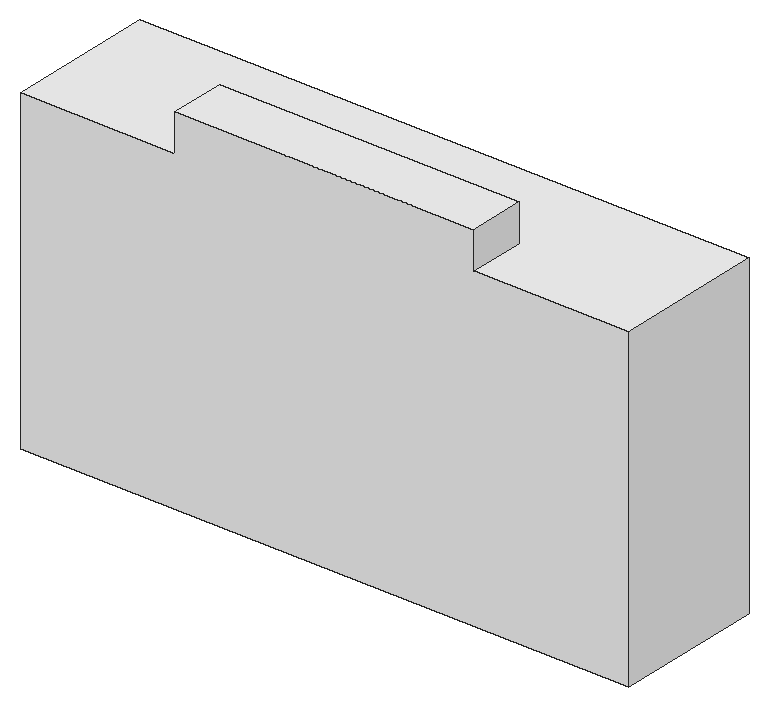
Revit family "T93024 Alu-K M LED 30m 2-s_Vegg", category Lighting Fixtures, Revit 2016
Family settings
  Part Type = Normal
  Round Connector Dimension = Use Diameter
  OmniClass Number = 23.80.70.11.21
  OmniClass Title = Emergency Lighting
  Work Plane-Based = No
  Always vertical = Yes
  Cut with Voids When Loaded = No
  Light Source = Yes
  Shared = No
  Room Calculation Point = No
Parameters (values of type "MarkeringsLys (Venstre)")
  Width = 80 mm
  Wattage Comments = "17 W"
  Wattage = 9.2903 W
  built-in parameter 1150110 = 1 (stored number, unit not read)
  Voltage = 230 V
  URL = ""
  Type Comments = "-UN"
  built-in parameter 1114217 = 1 (stored number, unit not read)
  Tilt Angle = 90.00°
  built-in parameter 1150109 = 1 (stored number, unit not read)
  built-in parameter 1150134 = 3
  Symbol Positive Direction [instance] = yes
  Symbol Offset Side [instance] = 0 mm
  Symbol Offset Out [instance] = 0 mm
  built-in parameter 1150113 = 1 (stored number, unit not read)
  Reference Line Out [instance] = 50 mm
  Photometric Web File = "20x42A12.ies"
  Number of Poles = 1
  NS8360 = "4431_WT2"
  Markeringslys normal = no
  Markeringslys ikke normal = yes
  MarkeringsLys Venstre = yes
  MarkeringsLys Ned = no
  MarkeringsLys Opp = no
  MarkeringsLys Høyre = no
  MarkeringsLys 45 Opp mot venstre = no
  MarkeringsLys 45 Opp mot høyre = no
  MarkeringsLys 45 Ned mot venstre = no
  MarkeringsLys 45 Ned mot høyre = no
  ML = yes
  built-in parameter 1150105 = 109.82 (stored number, unit not read)
  Lumens = 1380 lm
  built-in parameter 1150115 = 1 (stored number, unit not read)
  Load Classification [instance] = Other
  Model = ""
  Manufacturer = "Honeywell"
  built-in parameter 1150137 = (empty or 0)
  built-in parameter 1150139 = (empty or 0)
  Length 1 = 300 mm
  Length = 325 mm
  LedeLys = no
  built-in parameter 1150112 = 1 (stored number, unit not read)
  built-in parameter 1150114 = 1 (stored number, unit not read)
  Lamp = "1"
  Keynote = "WT2"
  built-in parameter 1150132 = (empty or 0)
  built-in parameter 1150102 = (empty or 0)
  built-in parameter 1150107 = 3200 (stored number, unit not read)
  built-in parameter 1150138 = (empty or 0)
  built-in parameter 1150106 = 1.0982 (stored number, unit not read)
  Height 1 = 140 mm
  Height = 170 mm
  Emit from Rectangle Width = Height  # 170 mm
  Emit from Rectangle Length = Length  # 325 mm
  Emit Shape Visible in Rendering = no
  built-in parameter 1150104 = 13.8 (stored number, unit not read)
  Dimming Lamp Color Temperature Shift = <None>
  Description = ""
  Color Filter = 16777215
  Body Material and Colour = White
  built-in parameter 1114218 = 1 (stored number, unit not read)
  built-in parameter 1150133 = 10 (stored number, unit not read)
  Assembly Code = "4431"
  Apparent Load = 17 VA
Types (9, lengths in mm): name | NS8360 | Markeringslys normal | Markeringslys ikke normal | MarkeringsLys Venstre | MarkeringsLys Ned | MarkeringsLys Opp | MarkeringsLys Høyre | MarkeringsLys 45 Opp mot venstre | MarkeringsLys 45 Opp mot høyre | MarkeringsLys 45 Ned mot venstre | MarkeringsLys 45 Ned mot høyre | ML | LedeLys | Assembly Code
  LedeLys | "4432_WT2" | no | no | no | no | no | no | no | no | no | no | no | yes | "4432"
  MarkeringsLys (Ned) | "4431_WT2" | yes | no | no | yes | no | no | no | no | no | no | yes | no | "4431"
  MarkeringsLys (Opp) | "4431_WT2" | yes | no | no | no | yes | no | no | no | no | no | yes | no | "4431"
  MarkeringsLys (Venstre) | "4431_WT2" | no | yes | yes | no | no | no | no | no | no | no | yes | no | "4431"
  MarkeringsLys (Høyre) | "4431_WT2" | yes | no | no | no | no | yes | no | no | no | no | yes | no | "4431"
  MarkeringsLys (45 Ned mot høyre) | "4431_WT2" | yes | no | no | no | no | no | no | no | no | yes | yes | no | "4431"
  MarkeringsLys (45 Ned mot venstre) | "4431_WT2" | no | yes | no | no | no | no | no | no | yes | no | yes | no | "4431"
  MarkeringsLys (45 Opp mot høyre) | "4431_WT2" | yes | no | no | no | no | no | no | yes | no | no | yes | no | "4431"
  MarkeringsLys (45 Opp mot venstre) | "4431_WT2" | no | yes | no | no | no | no | yes | no | no | no | yes | no | "4431"
Reference planes
  plane 1 "Light Source Axis (F/B)": y = 119.961
  plane 2 "1": z = -480
  plane 3 "Light Source Axis (L/R)": x = 0
  plane 4 "Level": z = 0
  plane 5: x = -162.5
  plane 6: x = 162.5
  plane 7: y = 197.961
  plane 8: y = 199.961
  plane 9: z = -20
  plane 10: x = -150
  plane 11: x = 150
  plane 12: z = -190
  plane 13: z = -105
  plane 14: z = -35
  plane 15: z = -175
  plane 16: x = -80
  plane 17: x = 80
  plane 18: y = 149.961
Forms (mm)
  Extrusion 1, solid, material "White" <- "Body Material and Colour"
    sketch origin (0, 119.961, 0) x (1, 0, 0) y (0, 0, 1)
      loop
        line (-162.5, -20) -> (-162.5, -190) -> (162.5, -190) -> (162.5, -20) -> (-162.5, -20)
    from 0 to -78
  Extrusion 2, solid, material "White" <- "Body Material and Colour"
    sketch origin (0, 119.961, 0) x (1, 0, 0) y (0, 0, 1)
      loop
        line (-162.5, -20) -> (-162.5, -190) -> (162.5, -190) -> (162.5, -20) -> (-162.5, -20)
      loop
        line (-150, -35) -> (-150, -175) -> (150, -175) -> (150, -35) -> (-150, -35)
    from -80 to -78
  Extrusion 3, solid, material "White" <- "Body Material and Colour"
    sketch origin (0, 119.961, 0) x (1, 0, 0) y (0, 0, 1)
      loop
        line (-80, 0) -> (-80, -20) -> (80, -20) -> (80, 0) -> (-80, 0)
    from 0 to -30
Cuts and joins
  joined: Extrusion 1, Extrusion 2, Extrusion 3
Lines and regions (mm)
  model lines, style "InvisibleLines"
    curve 1: line (0, 119.961, 0) -> (0, 169.961, 0)
  symbolic lines, style "InvisibleLines"
    curve 2: line (0, 119.961, 0) -> (0, 119.961, 50)
Dimensions and locks
  equal spacing: plane 5, plane 3 "Light Source Axis (L/R)", plane 6
  "Length": plane 5 to plane 6
  plane 7 to plane 1 "Light Source Axis (F/B)" = 78 mm
  locked: plane 8 to plane 7 at 2
  equal spacing: plane 10, plane 3 "Light Source Axis (L/R)", plane 11
  "Length 1": plane 10 to plane 11
  "Width": plane 1 "Light Source Axis (F/B)" to plane 8
  "Reference Line Out": plane 1 "Light Source Axis (F/B)" to curve 1
  plane 10 to plane 5 = 12.5 mm
  locked: level to plane 9 at 20
  "Height": plane 9 to plane 12
  equal spacing: plane 9, plane 13, plane 12
  equal spacing: plane 14, plane 13, plane 15
  "Height 1": plane 14 to plane 15
  equal spacing: plane 17, plane 3 "Light Source Axis (L/R)", plane 16
  locked: plane 17 to plane 16 at 160
  locked: plane 1 "Light Source Axis (F/B)" to plane 18 at 30
  aligned and locked: plane 4 "Level" to level
  aligned and locked: plane 3 "Light Source Axis (L/R)" to nested 2
  aligned and locked: plane 1 "Light Source Axis (F/B)" to nested 2
  aligned and locked: plane 7 to nested 1
  aligned and locked: plane 5 to Extrusion 1 sketch curve
  aligned and locked: Extrusion 1 sketch curve to plane 6
  aligned and locked: Extrusion 2 sketch curve to plane 6
  aligned and locked: plane 5 to Extrusion 2 sketch curve
  aligned and locked: plane 10 to Extrusion 2 sketch curve
  aligned and locked: Extrusion 2 sketch curve to plane 11
  aligned and locked: imposter light to plane 1 "Light Source Axis (F/B)"
  aligned and locked: imposter light to plane 3 "Light Source Axis (L/R)"
  aligned and locked: plane 1 "Light Source Axis (F/B)" to curve 1
  aligned and locked: nested 3 to plane 3 "Light Source Axis (L/R)"
  aligned and locked: nested 3 to plane 7
  aligned and locked: nested 4 to plane 3 "Light Source Axis (L/R)"
  aligned and locked: nested 4 to plane 7
  aligned and locked: nested 5 to plane 3 "Light Source Axis (L/R)"
  aligned and locked: nested 5 to plane 7
  aligned and locked: nested 6 to plane 3 "Light Source Axis (L/R)"
  aligned and locked: nested 6 to plane 7
  aligned and locked: nested 7 to plane 7
  aligned and locked: nested 7 to plane 3 "Light Source Axis (L/R)"
  aligned and locked: nested 8 to plane 7
  aligned and locked: nested 8 to plane 3 "Light Source Axis (L/R)"
  aligned and locked: nested 9 to plane 7
  aligned and locked: nested 9 to plane 3 "Light Source Axis (L/R)"
  aligned and locked: plane 9 to Extrusion 2
  aligned and locked: Extrusion 2 to plane 14
  aligned and locked: plane 15 to Extrusion 2
  aligned and locked: plane 9 to Extrusion 1
  aligned and locked: Extrusion 2 to plane 12
  aligned and locked: Extrusion 2 sketch curve to plane 14
  aligned and locked: Extrusion 2 sketch curve to plane 9
  aligned and locked: plane 15 to Extrusion 2 sketch curve
  aligned and locked: plane 12 to Extrusion 2 sketch curve
  aligned and locked: plane 12 to Extrusion 1 sketch curve
  aligned and locked: Extrusion 1 sketch curve to plane 9
  aligned and locked: plane 13 to nested 9
  aligned and locked: Extrusion 2 to plane 8
  aligned and locked: plane 7 to Extrusion 2
  aligned and locked: Extrusion 1 to plane 7
  aligned and locked: plane 4 "Level" to Extrusion 3 sketch curve
  aligned and locked: plane 16 to Extrusion 3 sketch curve
  aligned and locked: Extrusion 3 sketch curve to plane 17
  aligned and locked: plane 9 to Extrusion 3 sketch curve
  aligned and locked: plane 18 to Extrusion 3
  aligned and locked: plane 3 "Light Source Axis (L/R)" to curve 2
  aligned and locked: level to curve 2
  aligned and locked: plane 3 "Light Source Axis (L/R)" to nested 10
  aligned and locked: plane 1 "Light Source Axis (F/B)" to nested 10
Automatic sketch dimensions
  level to curve 2 = 50 mm
  curve 1 to plane 3 "Light Source Axis (L/R)" = 0 mm
Nested families
  nested 1: "Formula 65_ned" at (0, 197.961, -105), type "Formula 65"
  nested 2: "LedelysS" at (0, 119.961, 0), visible <- "LedeLys", type "Type 1"
  nested 3: "Formula 65_skrått 45 grader ned mot høyre" at (0, 197.961, -105) x (-1, 0, 0) z (0, 0, 1), visible <- "LedeLys", type "Formula 65"
    with 45 ned mot høyre no
  nested 4: "Formula 65_skrått 45 grader ned mot venstre" at (0, 197.961, -105) x (-1, 0, 0) z (0, 0, 1), type "Formula 65"
  nested 5: "Formula 65_skrått 45 grader opp mot høyre" at (0, 197.961, -105) x (-1, 0, 0) z (0, 0, 1), type "Formula 65"
  nested 6: "Formula 65_skrått 45 grader opp mot venstre" at (0, 197.961, -105) x (-1, 0, 0) z (0, 0, 1), type "Formula 65"
  nested 7: "Formula 65_høyre" at (0, 197.961, -105) x (-1, 0, 0) z (0, 0, 1), type "Formula 65"
  nested 8: "Formula 65_opp" at (0, 197.961, -105) x (-1, 0, 0) z (0, 0, 1), type "Formula 65"
  nested 9: "Formula 65_venstre" at (0, 197.961, -105) x (-1, 0, 0) z (0, 0, 1), type "Formula 65"
    with Venstre yes
  nested 10: "MarkeringslysEnkelS" at (0, 119.961, 0), visible <- "ML", type "Type 1"
    with Venstre yes, Opp no, Normal no, Ikke normal yes
Connectors
  electrical at (0, 119.961, 0), driven by "Number of Poles", driven by "Load Classification", driven by "Voltage", driven by "Apparent Load"
    settings: index 1, voltage 230 V, apparent load 0 VA, apparent load phase1 17 VA, apparent load phase2 0 VA, apparent load phase3 0 VA, power factor 1, load classification "Other", number of poles 1, system type 31, power factor state 1, is connector primary yes, connector utility no, sub classification motor no, connector description ""
Definition of nested family "Formula 65_venstre"
  Parameters (values of type "Formula 65")
    Venstre = no
    L = 300 mm
    H = 135 mm
  Reference planes
    plane 1 "Center (Front/Back)": y = 0
    plane 2: z = 0
    plane 3 "Center (Left/Right)": x = 0
    plane 4: y = -2
  Forms (mm)
    Extrusion 1, solid, visible <- "Venstre"
      sketch origin (453.48, 0, -265.275) x (1, 0, 0) y (0, 0, 1)
        loop
          line (-303.48, 335.275) -> (-603.48, 335.275) -> (-603.48, 195.275) -> (-303.48, 195.275) -> (-303.48, 335.275)
        loop
          circle (-420.272, 307.901) r 7.948
        loop
          line (-413.762, 293.92) -> (-417.907, 289.775) -> (-413.259, 281.726) -> (-426.456, 270.652)
          arc (-426.456, 270.652) -> (-427.234, 269.157) -> (-426.728, 267.55) r 2.202
          line (-426.728, 267.55) -> (-424.841, 265.302)
          arc (-424.841, 265.302) -> (-423.346, 264.524) -> (-421.739, 265.03) r 2.202
          line (-421.739, 265.03) -> (-409.533, 275.272) -> (-403.944, 265.592) -> (-416.764, 254.834) -> (-416.764, 219.801)
          arc (-416.764, 219.801) -> (-415.69, 217.206) -> (-413.095, 216.131) r 3.669
          line (-413.095, 216.131) -> (-409.425, 216.131)
          arc (-409.425, 216.131) -> (-406.831, 217.206) -> (-405.756, 219.801) r 3.669
          line (-405.756, 219.801) -> (-405.756, 249.701) -> (-398.355, 255.911) -> (-392.493, 245.757) -> (-354.384, 245.757)
          arc (-354.384, 245.757) -> (-351.79, 246.832) -> (-350.715, 249.426) r 3.669
          line (-350.715, 249.426) -> (-350.715, 253.096)
          arc (-350.715, 253.096) -> (-351.79, 255.69) -> (-354.384, 256.765) r 3.669
          line (-354.384, 256.765) -> (-373.426, 256.765) -> (-391.907, 288.775) -> (-372.812, 285.056) -> (-365.934, 273.144)
          arc (-365.934, 273.144) -> (-364.541, 272.104) -> (-362.828, 272.398) r 2.202
          line (-362.828, 272.398) -> (-360.285, 274.049)
          arc (-360.285, 274.049) -> (-359.331, 275.438) -> (-359.638, 277.095) r 2.202
          line (-359.638, 277.095) -> (-369.208, 291.831) -> (-407.391, 299.266) -> (-413.762, 293.92)
        loop
          line (-533.901, 289.876) -> (-558.502, 265.275) -> (-533.901, 240.673) -> (-519.14, 240.673) -> (-536.361, 257.894) -> (-463.502, 257.894) -> (-463.502, 272.655) -> (-536.361, 272.655) -> (-519.14, 289.876) -> (-533.901, 289.876)
      from 0 to 2
  Dimensions and locks
    aligned and locked: level to plane 2
Definition of nested family "Formula 65_ned"
  Parameters (values of type "Formula 65")
    Ned = no
    L = 205 mm
    H = 135 mm
  Reference planes
    plane 1 "Center (Front/Back)": y = 0
    plane 2: z = 0
    plane 3 "Center (Left/Right)": x = 0
    plane 4: y = -2
  Forms (mm)
    Extrusion 1, solid, visible <- "Ned"
      sketch origin (453.48, 0, -265.275) x (1, 0, 0) y (0, 0, 1)
        loop
          line (-303.48, 335.275) -> (-603.48, 335.275) -> (-603.48, 195.275) -> (-303.48, 195.275) -> (-303.48, 335.275)
        loop
          line (-502.432, 242.376) -> (-502.432, 257.137) -> (-519.654, 239.916) -> (-519.654, 312.775) -> (-534.415, 312.775) -> (-534.415, 239.916) -> (-551.636, 257.137) -> (-551.636, 242.376) -> (-527.034, 217.775) -> (-502.432, 242.376)
        loop
          circle (-410.272, 307.901) r 7.948
        loop
          line (-403.762, 293.92) -> (-407.907, 289.775) -> (-403.259, 281.726) -> (-416.456, 270.652)
          arc (-416.456, 270.652) -> (-417.234, 269.157) -> (-416.728, 267.55) r 2.202
          line (-416.728, 267.55) -> (-414.841, 265.302)
          arc (-414.841, 265.302) -> (-413.346, 264.524) -> (-411.739, 265.03) r 2.202
          line (-411.739, 265.03) -> (-399.533, 275.272) -> (-393.944, 265.592) -> (-406.764, 254.834) -> (-406.764, 219.801)
          arc (-406.764, 219.801) -> (-405.69, 217.206) -> (-403.095, 216.131) r 3.669
          line (-403.095, 216.131) -> (-399.425, 216.131)
          arc (-399.425, 216.131) -> (-396.831, 217.206) -> (-395.756, 219.801) r 3.669
          line (-395.756, 219.801) -> (-395.756, 249.701) -> (-388.355, 255.911) -> (-382.493, 245.757) -> (-344.384, 245.757)
          arc (-344.384, 245.757) -> (-341.79, 246.832) -> (-340.715, 249.426) r 3.669
          line (-340.715, 249.426) -> (-340.715, 253.096)
          arc (-340.715, 253.096) -> (-341.79, 255.69) -> (-344.384, 256.765) r 3.669
          line (-344.384, 256.765) -> (-363.426, 256.765) -> (-381.907, 288.775) -> (-362.812, 285.056) -> (-355.934, 273.144)
          arc (-355.934, 273.144) -> (-354.541, 272.104) -> (-352.828, 272.398) r 2.202
          line (-352.828, 272.398) -> (-350.285, 274.049)
          arc (-350.285, 274.049) -> (-349.331, 275.438) -> (-349.638, 277.095) r 2.202
          line (-349.638, 277.095) -> (-359.208, 291.831) -> (-397.391, 299.266) -> (-403.762, 293.92)
      from 0 to 2
  Dimensions and locks
    aligned and locked: level to plane 2
Definition of nested family "LedelysS"
  Parameters
    CQ Symbol Positive Direction = yes
    CQ Symbol Negative Direction = not(CQ Symbol Positive Direction)  # no
    CQ Symbol Offset Side = 0 mm
    CQ Symbol Offset Out = 0 mm
  Reference planes
    plane 1: y = 0
    plane 2: x = 0
  Dimensions and locks
    "CQ Symbol Offset Out": plane 1 to nested 1
    "CQ Symbol Offset Out": plane 1 to nested 2
    "CQ Symbol Offset Side": plane 2 to nested 2
    "CQ Symbol Offset Side": nested 1 to plane 2
  Nested families
    nested 1: "LedelysSub" at (0, 0, 0), visible <- "CQ Symbol Negative Direction", type "Type 1"
    nested 2: "LedelysSub" at (0, 0, 0), visible <- "CQ Symbol Positive Direction", type "Type 1"
  Definition of nested family "LedelysSub"
    Reference planes
      plane 1: y = 0
      plane 2: x = 0
    Lines and regions (mm)
      detail lines
        curve 1: line (-4, 0, 0) -> (4, 0, 0)
        curve 2: line (4, 0, 0) -> (4, 4, 0)
        curve 3: line (4, 4, 0) -> (-4, 4, 0)
        curve 4: line (-4, 4, 0) -> (-4, 0, 0)
        curve 5: line (-3.097, 0.75, 0) -> (-0.597, 3.25, 0)
        curve 6: line (-3.097, 3.25, 0) -> (-0.597, 0.75, 0)
        curve 7: circle (-1.847, 2, 0) r 1.2 normal (0, 0, 1)
    Text (mm)
      text "LL" at (2.179, 3.025, 0)
Definition of nested family "Formula 65_skrått 45 grader ned mot høyre"
  Parameters (values of type "Formula 65")
    L = 205 mm
    H = 135 mm
    45 ned mot høyre = yes
  Reference planes
    plane 1 "Center (Front/Back)": y = 0
    plane 2: z = 0
    plane 3 "Center (Left/Right)": x = 0
    plane 4: y = -2
    plane 5: x = -242.63
    plane 6: x = 245
  Forms (mm)
    Extrusion 1, solid, visible <- "45 ned mot høyre"
      sketch origin (453.48, 0, -265.275) x (1, 0, 0) y (0, 0, 1)
        loop
          line (-303.48, 335.275) -> (-603.48, 335.275) -> (-603.48, 195.275) -> (-303.48, 195.275) -> (-303.48, 335.275)
        loop
          circle (-496.687, 307.901) r 7.948
        loop
          line (-503.197, 293.92) -> (-509.568, 299.266) -> (-547.751, 291.831) -> (-557.321, 277.095)
          arc (-557.321, 277.095) -> (-557.628, 275.438) -> (-556.674, 274.049) r 2.202
          line (-556.674, 274.049) -> (-554.131, 272.398)
          arc (-554.131, 272.398) -> (-552.418, 272.104) -> (-551.025, 273.144) r 2.202
          line (-551.025, 273.144) -> (-544.147, 285.056) -> (-525.052, 288.775) -> (-543.533, 256.765) -> (-562.575, 256.765)
          arc (-562.575, 256.765) -> (-565.169, 255.69) -> (-566.244, 253.096) r 3.669
          line (-566.244, 253.096) -> (-566.244, 249.426)
          arc (-566.244, 249.426) -> (-565.169, 246.832) -> (-562.575, 245.757) r 3.669
          line (-562.575, 245.757) -> (-524.466, 245.757) -> (-518.604, 255.911) -> (-511.203, 249.701) -> (-511.203, 219.801)
          arc (-511.203, 219.801) -> (-510.128, 217.206) -> (-507.534, 216.131) r 3.669
          line (-507.534, 216.131) -> (-503.864, 216.131)
          arc (-503.864, 216.131) -> (-501.27, 217.206) -> (-500.195, 219.801) r 3.669
          line (-500.195, 219.801) -> (-500.195, 254.834) -> (-513.015, 265.592) -> (-507.426, 275.272) -> (-495.22, 265.03)
          arc (-495.22, 265.03) -> (-493.613, 264.524) -> (-492.118, 265.302) r 2.202
          line (-492.118, 265.302) -> (-490.232, 267.55)
          arc (-490.232, 267.55) -> (-489.725, 269.157) -> (-490.503, 270.652) r 2.202
          line (-490.503, 270.652) -> (-503.7, 281.726) -> (-499.052, 289.775) -> (-503.197, 293.92)
        loop
          line (-346.119, 266.479) -> (-356.557, 276.917) -> (-356.557, 252.562) -> (-408.076, 304.081) -> (-418.513, 293.644) -> (-366.994, 242.125) -> (-391.349, 242.125) -> (-380.911, 231.687) -> (-346.119, 231.687) -> (-346.119, 266.479)
      from 0 to 2
  Dimensions and locks
    aligned and locked: level to plane 2
Definition of nested family "Formula 65_skrått 45 grader ned mot venstre"
  Parameters (values of type "Formula 65")
    L = 205 mm
    H = 135 mm
    45 ned mot venstre = no
  Reference planes
    plane 1 "Center (Front/Back)": y = 0
    plane 2: z = 0
    plane 3 "Center (Left/Right)": x = 0
    plane 4: y = -2
  Forms (mm)
    Extrusion 1, solid, visible <- "45 ned mot venstre"
      sketch origin (453.48, 0, -265.275) x (1, 0, 0) y (0, 0, 1)
        loop
          line (-303.48, 335.275) -> (-603.48, 335.275) -> (-603.48, 195.275) -> (-303.48, 195.275) -> (-303.48, 335.275)
        loop
          circle (-420.272, 307.901) r 7.948
        loop
          line (-413.762, 293.92) -> (-417.907, 289.775) -> (-413.259, 281.726) -> (-426.456, 270.652)
          arc (-426.456, 270.652) -> (-427.234, 269.157) -> (-426.728, 267.55) r 2.202
          line (-426.728, 267.55) -> (-424.841, 265.302)
          arc (-424.841, 265.302) -> (-423.346, 264.524) -> (-421.739, 265.03) r 2.202
          line (-421.739, 265.03) -> (-409.533, 275.272) -> (-403.944, 265.592) -> (-416.764, 254.834) -> (-416.764, 219.801)
          arc (-416.764, 219.801) -> (-415.69, 217.206) -> (-413.095, 216.131) r 3.669
          line (-413.095, 216.131) -> (-409.425, 216.131)
          arc (-409.425, 216.131) -> (-406.831, 217.206) -> (-405.756, 219.801) r 3.669
          line (-405.756, 219.801) -> (-405.756, 249.701) -> (-398.355, 255.911) -> (-392.493, 245.757) -> (-354.384, 245.757)
          arc (-354.384, 245.757) -> (-351.79, 246.832) -> (-350.715, 249.426) r 3.669
          line (-350.715, 249.426) -> (-350.715, 253.096)
          arc (-350.715, 253.096) -> (-351.79, 255.69) -> (-354.384, 256.765) r 3.669
          line (-354.384, 256.765) -> (-373.426, 256.765) -> (-391.907, 288.775) -> (-372.812, 285.056) -> (-365.934, 273.144)
          arc (-365.934, 273.144) -> (-364.541, 272.104) -> (-362.828, 272.398) r 2.202
          line (-362.828, 272.398) -> (-360.285, 274.049)
          arc (-360.285, 274.049) -> (-359.331, 275.438) -> (-359.638, 277.095) r 2.202
          line (-359.638, 277.095) -> (-369.208, 291.831) -> (-407.391, 299.266) -> (-413.762, 293.92)
        loop
          line (-545.84, 266.479) -> (-545.84, 231.687) -> (-511.048, 231.687) -> (-500.61, 242.125) -> (-524.965, 242.125) -> (-473.446, 293.644) -> (-483.883, 304.081) -> (-535.402, 252.562) -> (-535.402, 276.917) -> (-545.84, 266.479)
      from 0 to 2
  Dimensions and locks
    aligned and locked: level to plane 2
Definition of nested family "Formula 65_skrått 45 grader opp mot høyre"
  Parameters (values of type "Formula 65")
    L = 205 mm
    H = 135 mm
    45 grader opp mot høyre = no
  Reference planes
    plane 1 "Center (Front/Back)": y = 0
    plane 2: z = 0
    plane 3 "Center (Left/Right)": x = 0
    plane 4: y = -2
  Forms (mm)
    Extrusion 1, solid, visible <- "45 grader opp mot høyre"
      sketch origin (453.48, 0, -265.275) x (1, 0, 0) y (0, 0, 1)
        loop
          line (-303.48, 335.275) -> (-603.48, 335.275) -> (-603.48, 195.275) -> (-303.48, 195.275) -> (-303.48, 335.275)
        loop
          circle (-496.687, 307.901) r 7.948
        loop
          line (-503.197, 293.92) -> (-509.568, 299.266) -> (-547.751, 291.831) -> (-557.321, 277.095)
          arc (-557.321, 277.095) -> (-557.628, 275.438) -> (-556.674, 274.049) r 2.202
          line (-556.674, 274.049) -> (-554.131, 272.398)
          arc (-554.131, 272.398) -> (-552.418, 272.104) -> (-551.025, 273.144) r 2.202
          line (-551.025, 273.144) -> (-544.147, 285.056) -> (-525.052, 288.775) -> (-543.533, 256.765) -> (-562.575, 256.765)
          arc (-562.575, 256.765) -> (-565.169, 255.69) -> (-566.244, 253.096) r 3.669
          line (-566.244, 253.096) -> (-566.244, 249.426)
          arc (-566.244, 249.426) -> (-565.169, 246.832) -> (-562.575, 245.757) r 3.669
          line (-562.575, 245.757) -> (-524.466, 245.757) -> (-518.604, 255.911) -> (-511.203, 249.701) -> (-511.203, 219.801)
          arc (-511.203, 219.801) -> (-510.128, 217.206) -> (-507.534, 216.131) r 3.669
          line (-507.534, 216.131) -> (-503.864, 216.131)
          arc (-503.864, 216.131) -> (-501.27, 217.206) -> (-500.195, 219.801) r 3.669
          line (-500.195, 219.801) -> (-500.195, 254.834) -> (-513.015, 265.592) -> (-507.426, 275.272) -> (-495.22, 265.03)
          arc (-495.22, 265.03) -> (-493.613, 264.524) -> (-492.118, 265.302) r 2.202
          line (-492.118, 265.302) -> (-490.232, 267.55)
          arc (-490.232, 267.55) -> (-489.725, 269.157) -> (-490.503, 270.652) r 2.202
          line (-490.503, 270.652) -> (-503.7, 281.726) -> (-499.052, 289.775) -> (-503.197, 293.92)
        loop
          line (-346.119, 264.07) -> (-346.119, 298.862) -> (-380.911, 298.862) -> (-391.349, 288.425) -> (-366.994, 288.425) -> (-418.513, 236.906) -> (-408.076, 226.468) -> (-356.557, 277.987) -> (-356.557, 253.633) -> (-346.119, 264.07)
      from 0 to 2
  Dimensions and locks
    aligned and locked: level to plane 2
Definition of nested family "Formula 65_skrått 45 grader opp mot venstre"
  Parameters (values of type "Formula 65")
    L = 205 mm
    H = 135 mm
    45 opp mot venstre = no
  Reference planes
    plane 1 "Center (Front/Back)": y = 0
    plane 2: z = 0
    plane 3 "Center (Left/Right)": x = 0
    plane 4: y = -2
  Forms (mm)
    Extrusion 1, solid, visible <- "45 opp mot venstre"
      sketch origin (453.48, 0, -265.275) x (1, 0, 0) y (0, 0, 1)
        loop
          line (-303.48, 335.275) -> (-603.48, 335.275) -> (-603.48, 195.275) -> (-303.48, 195.275) -> (-303.48, 335.275)
        loop
          circle (-410.272, 307.901) r 7.948
        loop
          line (-403.762, 293.92) -> (-407.907, 289.775) -> (-403.259, 281.726) -> (-416.456, 270.652)
          arc (-416.456, 270.652) -> (-417.234, 269.157) -> (-416.728, 267.55) r 2.202
          line (-416.728, 267.55) -> (-414.841, 265.302)
          arc (-414.841, 265.302) -> (-413.346, 264.524) -> (-411.739, 265.03) r 2.202
          line (-411.739, 265.03) -> (-399.533, 275.272) -> (-393.944, 265.592) -> (-406.764, 254.834) -> (-406.764, 219.801)
          arc (-406.764, 219.801) -> (-405.69, 217.206) -> (-403.095, 216.131) r 3.669
          line (-403.095, 216.131) -> (-399.425, 216.131)
          arc (-399.425, 216.131) -> (-396.831, 217.206) -> (-395.756, 219.801) r 3.669
          line (-395.756, 219.801) -> (-395.756, 249.701) -> (-388.355, 255.911) -> (-382.493, 245.757) -> (-344.384, 245.757)
          arc (-344.384, 245.757) -> (-341.79, 246.832) -> (-340.715, 249.426) r 3.669
          line (-340.715, 249.426) -> (-340.715, 253.096)
          arc (-340.715, 253.096) -> (-341.79, 255.69) -> (-344.384, 256.765) r 3.669
          line (-344.384, 256.765) -> (-363.426, 256.765) -> (-381.907, 288.775) -> (-362.812, 285.056) -> (-355.934, 273.144)
          arc (-355.934, 273.144) -> (-354.541, 272.104) -> (-352.828, 272.398) r 2.202
          line (-352.828, 272.398) -> (-350.285, 274.049)
          arc (-350.285, 274.049) -> (-349.331, 275.438) -> (-349.638, 277.095) r 2.202
          line (-349.638, 277.095) -> (-359.208, 291.831) -> (-397.391, 299.266) -> (-403.762, 293.92)
        loop
          line (-565.84, 264.07) -> (-555.402, 253.633) -> (-555.402, 277.987) -> (-503.883, 226.468) -> (-493.446, 236.906) -> (-544.965, 288.425) -> (-520.61, 288.425) -> (-531.048, 298.862) -> (-565.84, 298.862) -> (-565.84, 264.07)
      from 0 to 2
  Dimensions and locks
    aligned and locked: level to plane 2
Definition of nested family "Formula 65_høyre"
  Parameters (values of type "Formula 65")
    L = 205 mm
    Høyre = no
    H = 135 mm
  Reference planes
    plane 1 "Center (Front/Back)": y = 0
    plane 2: z = 0
    plane 3 "Center (Left/Right)": x = 0
    plane 4: y = -2
  Forms (mm)
    Extrusion 1, solid, visible <- "Høyre"
      sketch origin (453.48, 0, -265.275) x (1, 0, 0) y (0, 0, 1)
        loop
          line (-303.48, 335.275) -> (-603.48, 335.275) -> (-603.48, 195.275) -> (-303.48, 195.275) -> (-303.48, 335.275)
        loop
          circle (-496.687, 307.901) r 7.948
        loop
          line (-503.197, 293.92) -> (-509.568, 299.266) -> (-547.751, 291.831) -> (-557.321, 277.095)
          arc (-557.321, 277.095) -> (-557.628, 275.438) -> (-556.674, 274.049) r 2.202
          line (-556.674, 274.049) -> (-554.131, 272.398)
          arc (-554.131, 272.398) -> (-552.418, 272.104) -> (-551.025, 273.144) r 2.202
          line (-551.025, 273.144) -> (-544.147, 285.056) -> (-525.052, 288.775) -> (-543.533, 256.765) -> (-562.575, 256.765)
          arc (-562.575, 256.765) -> (-565.169, 255.69) -> (-566.244, 253.096) r 3.669
          line (-566.244, 253.096) -> (-566.244, 249.426)
          arc (-566.244, 249.426) -> (-565.169, 246.832) -> (-562.575, 245.757) r 3.669
          line (-562.575, 245.757) -> (-524.466, 245.757) -> (-518.604, 255.911) -> (-511.203, 249.701) -> (-511.203, 219.801)
          arc (-511.203, 219.801) -> (-510.128, 217.206) -> (-507.534, 216.131) r 3.669
          line (-507.534, 216.131) -> (-503.864, 216.131)
          arc (-503.864, 216.131) -> (-501.27, 217.206) -> (-500.195, 219.801) r 3.669
          line (-500.195, 219.801) -> (-500.195, 254.834) -> (-513.015, 265.592) -> (-507.426, 275.272) -> (-495.22, 265.03)
          arc (-495.22, 265.03) -> (-493.613, 264.524) -> (-492.118, 265.302) r 2.202
          line (-492.118, 265.302) -> (-490.232, 267.55)
          arc (-490.232, 267.55) -> (-489.725, 269.157) -> (-490.503, 270.652) r 2.202
          line (-490.503, 270.652) -> (-503.7, 281.726) -> (-499.052, 289.775) -> (-503.197, 293.92)
        loop
          line (-354.308, 289.876) -> (-369.069, 289.876) -> (-351.848, 272.655) -> (-424.707, 272.655) -> (-424.707, 257.894) -> (-351.848, 257.894) -> (-369.069, 240.673) -> (-354.308, 240.673) -> (-329.707, 265.275) -> (-354.308, 289.876)
      from 0 to 2
  Dimensions and locks
    aligned and locked: level to plane 2
Definition of nested family "Formula 65_opp"
  Parameters (values of type "Formula 65")
    Up = no
    L = 205 mm
    H = 135 mm
  Reference planes
    plane 1 "Center (Front/Back)": y = 0
    plane 2: z = 0
    plane 3 "Center (Left/Right)": x = 0
    plane 4: y = -2
  Forms (mm)
    Extrusion 1, solid, visible <- "Up"
      sketch origin (453.48, 0, -265.275) x (1, 0, 0) y (0, 0, 1)
        loop
          line (-303.48, 335.275) -> (-603.48, 335.275) -> (-603.48, 195.275) -> (-303.48, 195.275) -> (-303.48, 335.275)
        loop
          circle (-405.272, 307.901) r 7.948
        loop
          line (-398.762, 293.92) -> (-402.907, 289.775) -> (-398.259, 281.726) -> (-411.456, 270.652)
          arc (-411.456, 270.652) -> (-412.234, 269.157) -> (-411.728, 267.55) r 2.202
          line (-411.728, 267.55) -> (-409.841, 265.302)
          arc (-409.841, 265.302) -> (-408.346, 264.524) -> (-406.739, 265.03) r 2.202
          line (-406.739, 265.03) -> (-394.533, 275.272) -> (-388.944, 265.592) -> (-401.764, 254.834) -> (-401.764, 219.801)
          arc (-401.764, 219.801) -> (-400.69, 217.206) -> (-398.095, 216.131) r 3.669
          line (-398.095, 216.131) -> (-394.425, 216.131)
          arc (-394.425, 216.131) -> (-391.831, 217.206) -> (-390.756, 219.801) r 3.669
          line (-390.756, 219.801) -> (-390.756, 249.701) -> (-383.355, 255.911) -> (-377.493, 245.757) -> (-339.384, 245.757)
          arc (-339.384, 245.757) -> (-336.79, 246.832) -> (-335.715, 249.426) r 3.669
          line (-335.715, 249.426) -> (-335.715, 253.096)
          arc (-335.715, 253.096) -> (-336.79, 255.69) -> (-339.384, 256.765) r 3.669
          line (-339.384, 256.765) -> (-358.426, 256.765) -> (-376.907, 288.775) -> (-357.812, 285.056) -> (-350.934, 273.144)
          arc (-350.934, 273.144) -> (-349.541, 272.104) -> (-347.828, 272.398) r 2.202
          line (-347.828, 272.398) -> (-345.285, 274.049)
          arc (-345.285, 274.049) -> (-344.331, 275.438) -> (-344.638, 277.095) r 2.202
          line (-344.638, 277.095) -> (-354.208, 291.831) -> (-392.391, 299.266) -> (-398.762, 293.92)
        loop
          line (-502.432, 288.173) -> (-527.034, 312.775) -> (-551.636, 288.173) -> (-551.636, 273.412) -> (-534.415, 290.633) -> (-534.415, 217.775) -> (-519.654, 217.775) -> (-519.654, 290.633) -> (-502.432, 273.412) -> (-502.432, 288.173)
      from 0 to 2
  Dimensions and locks
    aligned and locked: level to plane 2
Definition of nested family "MarkeringslysEnkelS"
  Parameters (values of type "Type 1")
    Venstre opp 45 = no
    Venstre ned 45 = no
    Venstre = no
    Opp = yes
    Normal = yes
    Ned = no
    Ikke normal = no
    Høyre opp 45 = no
    Høyre ned 45 = no
    Høyre = no
    CQ Symbol Positive Direction = yes
    CQ Symbol Negative Direction = not(CQ Symbol Positive Direction)  # no
    CQ Symbol Offset Side = 0 mm
    CQ Symbol Offset Out = 0 mm
  Reference planes
    plane 1: y = 0
    plane 2: x = 0
  Dimensions and locks
    "CQ Symbol Offset Out": plane 1 to nested 1
    "CQ Symbol Offset Out": plane 1 to nested 2
    "CQ Symbol Offset Side": plane 2 to nested 2
    "CQ Symbol Offset Side": nested 1 to plane 2
  Nested families
    nested 1: "Markeringslys dobbel" at (0, 0, 0), visible <- "CQ Symbol Negative Direction", type "Type 1"
    nested 2: "Markeringslys dobbel" at (0, 0, 0), visible <- "CQ Symbol Positive Direction", type "Type 1"
  Definition of nested family "Markeringslys dobbel"
    Parameters (values of type "Type 1")
      Venstre opp 45 = no
      Venstre ned 45 = no
      Venstre = no
      Opp = yes
      Normal = yes
      Ned = no
      Ikke normal = no
      Høyre opp 45 = no
      Høyre ned 45 = no
      Høyre = no
    Reference planes
      plane 1: y = 0
      plane 2: x = 0
    Lines and regions (mm)
      detail lines
        curve 1: line (-4, 4, 0) -> (4, 4, 0)
        curve 2: line (4, 4, 0) -> (4, 0, 0)
        curve 3: line (-4, 0, 0) -> (-4, 4, 0)
        curve 120: line (4, 0, 0) -> (-4, 0, 0)
      detail lines, visible <- "Ned"
        curve 4: line (-2.346, 0.5, 0) -> (-1.646, 0.5, 0)
        curve 5: line (-2.346, 0.5, 0) -> (-2.346, 2.584, 0)
        curve 6: line (-1.646, 0.5, 0) -> (-1.646, 2.584, 0)
        curve 7: line (-1.996, 3.5, 0) -> (-2.996, 2.5, 0)
        curve 8: line (-2.996, 2.5, 0) -> (-2.996, 1.934, 0)
        curve 9: line (-2.996, 1.934, 0) -> (-2.346, 2.584, 0)
        curve 10: line (-1.996, 3.5, 0) -> (-0.996, 2.5, 0)
        curve 11: line (-0.996, 2.5, 0) -> (-0.996, 1.934, 0)
        curve 12: line (-0.996, 1.934, 0) -> (-1.646, 2.584, 0)
      detail lines, visible <- "Normal"
        curve 13: circle (1.212, 0.614, 0) r 0.3 normal (0, 0, -1)
        curve 14: line (0.986, 3.7, 0) -> (1.395, 3.7, 0)
        curve 15: line (0.986, 3.7, 0) -> (1.823, 2.308, 0)
        curve 16: line (1.823, 2.308, 0) -> (1.461, 1.495, 0)
        curve 17: line (1.069, 2.147, 0) -> (1.461, 1.495, 0)
        curve 18: line (1.069, 2.147, 0) -> (0.487, 2.147, 0)
        curve 19: line (0.487, 2.147, 0) -> (0.487, 1.847, 0)
        curve 20: line (0.487, 1.847, 0) -> (0.899, 1.847, 0)
        curve 21: line (0.899, 1.847, 0) -> (1.307, 1.169, 0)
        curve 22: line (1.395, 3.7, 0) -> (2.104, 2.518, 0)
        curve 23: line (1.307, 1.169, 0) -> (1.753, 0.97, 0)
        curve 24: line (1.753, 0.97, 0) -> (2.625, 0.97, 0)
        curve 25: line (2.625, 0.97, 0) -> (2.99, 1.627, 0)
        curve 26: line (2.99, 1.627, 0) -> (2.769, 1.848, 0)
        curve 27: line (2.769, 1.848, 0) -> (2.457, 1.285, 0)
        curve 28: line (2.104, 2.518, 0) -> (2.259, 3.229, 0)
        curve 29: line (2.259, 3.229, 0) -> (3.557, 3.229, 0)
        curve 30: line (3.557, 3.229, 0) -> (3.457, 2.879, 0)
        curve 31: line (3.457, 2.879, 0) -> (2.541, 2.879, 0)
        curve 32: line (2.541, 2.879, 0) -> (2.4, 2.23, 0)
        curve 33: line (2.4, 2.23, 0) -> (2.021, 1.38, 0)
        curve 34: line (2.021, 1.38, 0) -> (2.457, 1.285, 0)
      detail lines, visible <- "Opp"
        curve 35: line (-1.646, 3.5, 0) -> (-2.346, 3.5, 0)
        curve 36: line (-1.646, 3.5, 0) -> (-1.646, 1.416, 0)
        curve 37: line (-2.346, 3.5, 0) -> (-2.346, 1.416, 0)
        curve 38: line (-1.996, 0.5, 0) -> (-0.996, 1.5, 0)
        curve 39: line (-0.996, 1.5, 0) -> (-0.996, 2.066, 0)
        curve 40: line (-0.996, 2.066, 0) -> (-1.646, 1.416, 0)
        curve 41: line (-1.996, 0.5, 0) -> (-2.996, 1.5, 0)
        curve 42: line (-2.996, 1.5, 0) -> (-2.996, 2.066, 0)
        curve 43: line (-2.996, 2.066, 0) -> (-2.346, 1.416, 0)
      detail lines, visible <- "Høyre"
        curve 44: line (-0.496, 1.65, 0) -> (-0.496, 2.35, 0)
        curve 45: line (-0.496, 1.65, 0) -> (-2.58, 1.65, 0)
        curve 46: line (-0.496, 2.35, 0) -> (-2.58, 2.35, 0)
        curve 47: line (-3.496, 2, 0) -> (-2.496, 1, 0)
        curve 48: line (-2.496, 1, 0) -> (-1.93, 1, 0)
        curve 49: line (-1.93, 1, 0) -> (-2.58, 1.65, 0)
        curve 50: line (-3.496, 2, 0) -> (-2.496, 3, 0)
        curve 51: line (-2.496, 3, 0) -> (-1.93, 3, 0)
        curve 52: line (-1.93, 3, 0) -> (-2.58, 2.35, 0)
      detail lines, visible <- "Ikke normal"
        curve 53: circle (-1.299, 0.614, 0) r 0.3 normal (0, 0, 1)
        curve 54: line (-1.073, 3.7, 0) -> (-1.482, 3.7, 0)
        curve 55: line (-1.073, 3.7, 0) -> (-1.91, 2.308, 0)
        curve 56: line (-1.91, 2.308, 0) -> (-1.548, 1.495, 0)
        curve 57: line (-1.156, 2.147, 0) -> (-1.548, 1.495, 0)
        curve 58: line (-1.156, 2.147, 0) -> (-0.574, 2.147, 0)
        curve 59: line (-0.574, 2.147, 0) -> (-0.574, 1.847, 0)
        curve 60: line (-0.574, 1.847, 0) -> (-0.986, 1.847, 0)
        curve 61: line (-0.986, 1.847, 0) -> (-1.394, 1.169, 0)
        curve 62: line (-1.482, 3.7, 0) -> (-2.192, 2.518, 0)
        curve 63: line (-1.394, 1.169, 0) -> (-1.84, 0.97, 0)
        curve 64: line (-1.84, 0.97, 0) -> (-2.713, 0.97, 0)
        curve 65: line (-2.713, 0.97, 0) -> (-3.077, 1.627, 0)
        curve 66: line (-3.077, 1.627, 0) -> (-2.856, 1.848, 0)
        curve 67: line (-2.856, 1.848, 0) -> (-2.544, 1.285, 0)
        curve 68: line (-2.192, 2.518, 0) -> (-2.346, 3.229, 0)
        curve 69: line (-2.346, 3.229, 0) -> (-3.644, 3.229, 0)
        curve 70: line (-3.644, 3.229, 0) -> (-3.544, 2.879, 0)
        curve 71: line (-3.544, 2.879, 0) -> (-2.628, 2.879, 0)
        curve 72: line (-2.628, 2.879, 0) -> (-2.487, 2.23, 0)
        curve 73: line (-2.487, 2.23, 0) -> (-2.108, 1.38, 0)
        curve 74: line (-2.108, 1.38, 0) -> (-2.544, 1.285, 0)
      detail lines, visible <- "Venstre"
        curve 75: line (0.409, 1.65, 0) -> (0.409, 2.35, 0)
        curve 76: line (0.409, 1.65, 0) -> (2.493, 1.65, 0)
        curve 77: line (0.409, 2.35, 0) -> (2.493, 2.35, 0)
        curve 78: line (3.409, 2, 0) -> (2.409, 1, 0)
        curve 79: line (2.409, 1, 0) -> (1.843, 1, 0)
        curve 80: line (1.843, 1, 0) -> (2.493, 1.65, 0)
        curve 81: line (3.409, 2, 0) -> (2.409, 3, 0)
        curve 82: line (2.409, 3, 0) -> (1.843, 3, 0)
        curve 83: line (1.843, 3, 0) -> (2.493, 2.35, 0)
      detail lines, visible <- "Venstre ned 45"
        curve 84: line (1.096, 0.939, 0) -> (0.601, 1.434, 0)
        curve 85: line (1.096, 0.939, 0) -> (2.57, 2.413, 0)
        curve 86: line (0.601, 1.434, 0) -> (2.075, 2.908, 0)
        curve 87: line (2.97, 3.308, 0) -> (2.97, 1.894, 0)
        curve 88: line (2.97, 1.894, 0) -> (2.57, 1.494, 0)
        curve 89: line (2.57, 1.494, 0) -> (2.57, 2.413, 0)
        curve 90: line (2.97, 3.308, 0) -> (1.556, 3.308, 0)
        curve 91: line (1.556, 3.308, 0) -> (1.156, 2.908, 0)
        curve 92: line (1.156, 2.908, 0) -> (2.075, 2.908, 0)
      detail lines, visible <- "Venstre opp 45"
        curve 93: line (0.601, 2.813, 0) -> (1.096, 3.308, 0)
        curve 94: line (0.601, 2.813, 0) -> (2.075, 1.339, 0)
        curve 95: line (1.096, 3.308, 0) -> (2.57, 1.834, 0)
        curve 96: line (2.97, 0.939, 0) -> (1.556, 0.939, 0)
        curve 97: line (1.556, 0.939, 0) -> (1.156, 1.339, 0)
        curve 98: line (1.156, 1.339, 0) -> (2.075, 1.339, 0)
        curve 99: line (2.97, 0.939, 0) -> (2.97, 2.354, 0)
        curve 100: line (2.97, 2.354, 0) -> (2.57, 2.754, 0)
        curve 101: line (2.57, 2.754, 0) -> (2.57, 1.834, 0)
      detail lines, visible <- "Høyre ned 45"
        curve 102: line (-1.18, 0.517, 0) -> (-0.685, 1.012, 0)
        curve 103: line (-1.18, 0.517, 0) -> (-2.654, 1.991, 0)
        curve 104: line (-0.685, 1.012, 0) -> (-2.159, 2.486, 0)
        curve 105: line (-3.054, 2.886, 0) -> (-3.054, 1.472, 0)
        curve 106: line (-3.054, 1.472, 0) -> (-2.654, 1.072, 0)
        curve 107: line (-2.654, 1.072, 0) -> (-2.654, 1.991, 0)
        curve 108: line (-3.054, 2.886, 0) -> (-1.64, 2.886, 0)
        curve 109: line (-1.64, 2.886, 0) -> (-1.24, 2.486, 0)
        curve 110: line (-1.24, 2.486, 0) -> (-2.159, 2.486, 0)
      detail lines, visible <- "Høyre opp 45"
        curve 111: line (-0.685, 2.391, 0) -> (-1.18, 2.886, 0)
        curve 112: line (-0.685, 2.391, 0) -> (-2.159, 0.917, 0)
        curve 113: line (-1.18, 2.886, 0) -> (-2.654, 1.412, 0)
        curve 114: line (-3.054, 0.517, 0) -> (-1.64, 0.517, 0)
        curve 115: line (-1.64, 0.517, 0) -> (-1.24, 0.917, 0)
        curve 116: line (-1.24, 0.917, 0) -> (-2.159, 0.917, 0)
        curve 117: line (-3.054, 0.517, 0) -> (-3.054, 1.932, 0)
        curve 118: line (-3.054, 1.932, 0) -> (-2.654, 2.332, 0)
        curve 119: line (-2.654, 2.332, 0) -> (-2.654, 1.483, 0)
